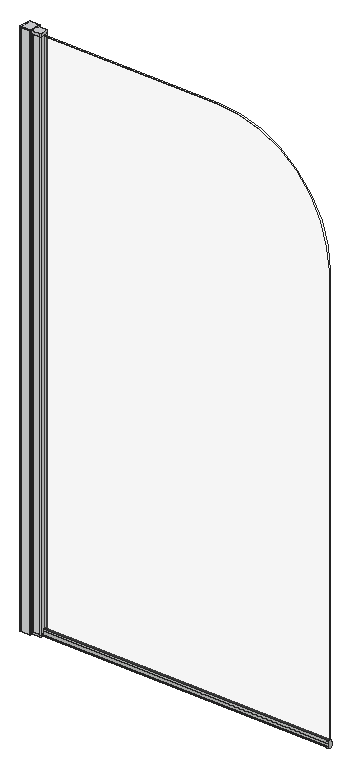
Revit family "Shower-Bath_Screen-KOHLER-Aerie-K-707205_1", category Specialty Equipment, host Face, Revit 2021
Family settings
  Host = Face
  Round Connector Dimension = Use Diameter
  Part Type = Normal
  OmniClass Number = 23.31.17.17
  OmniClass Title = Shower Enclosures
  Cut with Voids When Loaded = No
  Shared = No
  Room Calculation Point = No
Parameters (values of type "SHP-Bright Polished Silver")
  Width [instance] = 32 1/8"
  WaterSense Certified = 1 = 0  # no
  URL = "https://www.us.kohler.com/us/"
  Type = 1
  Product Page URL = "http://www.us.kohler.com/us/catalog/productDetails.jsp?productNumber=707205-L"
  Product Name = "Aerie"  # constant formula
  Product Documentation Link = "https://www.us.kohler.com/webassets/kpna/catalog/pdf/en/K-707205-L_spec_US-CA_Kohler_en.pdf"
  Model = "K-707205-L-SHP"  # constant formula
  Material = "Premium Metal Construction"  # constant formula
  Master Format 2014 Name = "Shower Doors"  # constant formula
  Master Format 2014 = "10 28 19.16"  # constant formula
  Manufacturer Address = "444 Highland Dr, Kohler, WI 53044"  # constant formula
  Manufacturer = "Kohler Co."  # constant formula
  Length = 1 33/128"  # constant formula
  Height = 57 11/128"  # constant formula
  Hardware Included = 1 = 0  # no
  Finish = Kohler-Metal-SHP-Bright_Polished_Silver
  Environmental Product Declaration = ""
  Description = "32 Inch Bath Screen"  # constant formula
  Default Elevation = 4"
  Declare Label = ""
  Date Modified = "07/13/2023"  # constant formula
  Date Created = "07/13/2023"  # constant formula
  Copyright = "Copyright Kohler Co."  # constant formula
  Contact Us = "https://www.us.kohler.com/us/static/contact.jsp"
  Assembly Code = "C1030200"
  ADA Compliant = 1 = 0  # no
Reference planes (in)
  plane 1 "Center (Front/Back)": y = -0.09259
  plane 2: z = 0
  plane 3 "Center (Left/Right)": x = 0
  plane 4: x = 32.125
  plane 5: y = 0.53371
  plane 6: y = -0.72411
  plane 7: z = 57.08594
  plane 8: z = 56.68967
  plane 9: y = 0.35033
  plane 10: y = -0.5355
  plane 11: x = 1.47126
  plane 12: y = 0.00584
  plane 13: y = -0.19101
  plane 14: y = 0.0634
  plane 15: y = -0.2474
  plane 16: z = 0.07549
Dimensions and locks (in)
  "Length": plane 5 to plane 6
  "Height": plane 7 to level
  plane 11 to plane 4 = 30.65374"
  locked: plane 3 "Center (Left/Right)" to plane 11 at 1.47126
  plane 12 to plane 13 = 0.19685"
  plane 14 to plane 15 = 0.3108"
  "Width": plane 4 to plane 3 "Center (Left/Right)"
  aligned and locked: plane 2 to host face
  aligned and locked: level to host face
  aligned and locked: plane 3 "Center (Left/Right)" to nested 1
Automatic sketch dimensions
  host sketch curve to host sketch curve = 96"  (x2)
Nested families (in)
  nested 1: "K-707205" at (0, -0.09259, 0), type "K-707205"
    with Width 32 1/8"
Definition of nested family "K-707205"
  Parameters (values of type "K-707205")
    Width = 31.49606"
    Material = none
    Default Elevation = 0"
  Reference planes (in)
    plane 1 "Center (Front/Back)": y = 0
    plane 2: z = 0
    plane 3 "Center (Left/Right)": x = 0
    plane 4: x = 31.49606
    plane 5: z = 56.68967
    plane 6: z = 56.98969
    plane 7: z = 57.08439
    plane 8: y = 0.62629
    plane 9: y = -0.62986
    plane 10: y = 0.44291
    plane 11: y = -0.44291
    plane 12: y = 0.09843
    plane 13: y = -0.09843
    plane 14: x = 1.47126
    plane 15: y = 0.15599
    plane 16: y = -0.15481
  Forms (in)
    Extrusion 1, solid, material <- "Material", detail levels medium+fine
      sketch origin (0, 0, 0) x (1, 0, 0) y (0, 1, 0)
        loop
          line (0.55169, 0.58749) -> (0.55169, 0.62629) -> (0, 0.62629) -> (0, -0.62986) -> (1.01973, -0.62986)
          arc (1.01973, -0.62986) -> (1.03729, -0.62755) -> (1.05365, -0.62077) r 0.06785
          line (1.05365, -0.62077) -> (1.08737, -0.6013)
          arc (1.08737, -0.6013) -> (1.09301, -0.5877) -> (1.08132, -0.57873) r 0.01209
          line (1.08132, -0.57873) -> (0.05159, -0.57873) -> (0.05159, 0.31283) -> (1.10508, 0.31283) -> (1.10508, 0.62628) -> (0.9971, 0.62628) -> (0.9971, 0.58663) -> (0.97476, 0.56001) -> (0.97476, 0.45359) -> (1.01412, 0.45359) -> (1.01412, 0.5151)
          arc (1.01412, 0.5151) -> (1.03581, 0.53679) -> (1.0575, 0.5151) r 0.02169
          line (1.0575, 0.5151) -> (1.0575, 0.36254) -> (0.5785, 0.36254) -> (0.5785, 0.56068) -> (0.55169, 0.58749)
        loop
          line (0.52165, 0.36254) -> (0.52165, 0.57815) -> (0.05159, 0.57815) -> (0.05159, 0.36254) -> (0.52165, 0.36254)
        loop
          arc (0.57833, 0.62599) -> (0.55864, 0.6063) -> (0.57833, 0.58662) r 0.01968
          line (0.57833, 0.58662) -> (0.68942, 0.58662) -> (0.68942, 0.46116) -> (0.73833, 0.46116) -> (0.73833, 0.58662) -> (0.80753, 0.58662) -> (0.80753, 0.46116) -> (0.85644, 0.46116) -> (0.85644, 0.58662) -> (0.9747, 0.58662)
          arc (0.9747, 0.58662) -> (0.98724, 0.60513) -> (0.97922, 0.626) r 0.02415
          line (0.97922, 0.626) -> (0.57833, 0.62599)
      from 0.07549 to 57.00463
    Extrusion 2, solid
      sketch origin (0, 0, 0) x (1, 0, 0) y (0, 0, 1)
        loop
          arc (31.49606, 44.87864) -> (28.03669, 53.2303) -> (19.68504, 56.68967) r 11.81102
          line (19.68504, 56.68967) -> (1.47126, 56.68967) -> (1.47126, 0.46919) -> (31.49606, 0.46919) -> (31.49606, 44.87864)
      from -0.09843 to 0.09843
    Sweep 3, solid, detail levels medium+fine
      path origin (0, 0, 0) x (1, 0, 0) y (0, 1, 0)
        loop
          line (31.49606, 0) -> (2.00893, 0)
      profile origin (16.75249, 0, 0) x (0, -1, 0) y (0, 0, 1)
        loop
          line (0.15481, 0.15576) -> (0.15481, 0.51938) -> (0.14423, 0.72122)
          arc (0.14423, 0.72122) -> (0.13665, 0.73767) -> (0.11982, 0.74438) r 0.02444
          line (0.11982, 0.74438) -> (0.08802, 0.74438) -> (0.08802, 0.66053)
          arc (0.08802, 0.66053) -> (0.09193, 0.64341) -> (0.10288, 0.62968) r 0.03945
          line (0.10288, 0.62968) -> (0.11129, 0.46919) -> (-0.10739, 0.46919) -> (-0.10178, 0.63004)
          arc (-0.10178, 0.63004) -> (-0.09205, 0.64214) -> (-0.08858, 0.65726) r 0.03465
          line (-0.08858, 0.65726) -> (-0.08858, 0.74461) -> (-0.12085, 0.74461)
          arc (-0.12085, 0.74461) -> (-0.13921, 0.73719) -> (-0.14726, 0.7191) r 0.02643
          line (-0.14726, 0.7191) -> (-0.15599, 0.46919) -> (-0.15599, 0.15576)
          arc (-0.15599, 0.15576) -> (-0.00059, 0.00036) -> (0.15481, 0.15576) r 0.1554
    Extrusion 4, solid
      sketch origin (0, 0, 0) x (1, 0, 0) y (0, 1, 0)
        loop
          line (1.03871, -0.62986) -> (1.10544, -0.59133) -> (1.10544, 0.62629) -> (0, 0.62629) -> (0, -0.62986) -> (1.03871, -0.62986)
      from 57.00463 to 57.08315
    Extrusion 5, solid
      sketch origin (0, 0, 0) x (1, 0, 0) y (0, 1, 0)
        loop
          arc (0.13033, 0.44291) -> (0.07465, 0.41985) -> (0.05159, 0.36417) r 0.07874
          line (0.05159, 0.36417) -> (0.05159, -0.36417)
          arc (0.05159, -0.36417) -> (0.07465, -0.41985) -> (0.13033, -0.44291) r 0.07874
          line (0.13033, -0.44291) -> (1.94173, -0.44291)
          arc (1.94173, -0.44291) -> (1.99741, -0.41985) -> (2.02047, -0.36417) r 0.07874
          line (2.02047, -0.36417) -> (2.02047, 0.36417)
          arc (2.02047, 0.36417) -> (1.99741, 0.41985) -> (1.94173, 0.44291) r 0.07874
          line (1.94173, 0.44291) -> (0.13033, 0.44291)
      from 56.68967 to 56.98703
    Extrusion 6, solid
      sketch origin (-0.39333, 0, -56.77165) x (1, 0, 0) y (0, 1, 0)
        loop
          arc (0.52366, 0.44291) -> (0.46798, 0.41985) -> (0.44492, 0.36417) r 0.07874
          line (0.44492, 0.36417) -> (0.44492, -0.36417)
          arc (0.44492, -0.36417) -> (0.46798, -0.41985) -> (0.52366, -0.44291) r 0.07874
          line (0.52366, -0.44291) -> (2.33506, -0.44291)
          arc (2.33506, -0.44291) -> (2.39073, -0.41985) -> (2.4138, -0.36417) r 0.07874
          line (2.4138, -0.36417) -> (2.4138, 0.36417)
          arc (2.4138, 0.36417) -> (2.39073, 0.41985) -> (2.33506, 0.44291) r 0.07874
          line (2.33506, 0.44291) -> (0.52366, 0.44291)
      from 56.84715 to 57.07534
    Extrusion 7, solid, material <- "Material", detail levels medium+fine
      sketch origin (0, 0, 0) x (1, 0, 0) y (0, 1, 0)
        loop
          line (2.02047, -0.36417) -> (2.02047, -0.10709) -> (1.47126, -0.10709) -> (1.47126, 0.10504) -> (2.02047, 0.10504) -> (2.02047, 0.36417)
          arc (2.02047, 0.36417) -> (1.99741, 0.41985) -> (1.94173, 0.44291) r 0.07874
          line (1.94173, 0.44291) -> (1.23683, 0.44291)
          arc (1.23683, 0.44291) -> (1.20792, 0.43741) -> (1.18304, 0.42167) r 0.07874
          arc (1.18304, 0.42167) -> (1.0001, 0) -> (1.18304, -0.42167) r 0.57745
          arc (1.18304, -0.42167) -> (1.20792, -0.43741) -> (1.23683, -0.44291) r 0.07874
          line (1.23683, -0.44291) -> (1.94173, -0.44291)
          arc (1.94173, -0.44291) -> (1.99741, -0.41985) -> (2.02047, -0.36417) r 0.07874
      from 0.30369 to 56.68967
    Extrusion 8, solid, material <- "Material", detail levels coarse
      sketch origin (0, 0, 0) x (1, 0, 0) y (0, 1, 0)
        loop
          line (0, 0.62629) -> (0, -0.62986) -> (1.09616, -0.62986) -> (1.09616, -0.57873) -> (0.1523, -0.57873) -> (0.1523, 0.31283) -> (1.10508, 0.31283) -> (1.10508, 0.62629) -> (0, 0.62629)
      from 0.07549 to 57.00463
    Extrusion 9, solid, material <- "Material", detail levels coarse
      sketch origin (0, 0, 0) x (1, 0, 0) y (0, 1, 0)
        loop
          line (2.04507, -0.44291) -> (2.04507, -0.10709) -> (1.47126, -0.10709) -> (1.47126, 0.10504) -> (2.04507, 0.10504) -> (2.04507, 0.44291) -> (1.20704, 0.44291)
          arc (1.20704, 0.44291) -> (1.0001, 0) -> (1.20704, -0.44291) r 0.57745
          line (1.20704, -0.44291) -> (2.04507, -0.44291)
      from 0.30369 to 56.68967
    Sweep 10, solid, detail levels coarse
      path origin (0, 0, 0) x (1, 0, 0) y (0, 1, 0)
        loop
          line (31.49606, 0) -> (2.00893, 0)
      profile origin (16.75249, 0, 0) x (0, -1, 0) y (0, 0, 1)
        loop
          line (0.16711, 0.16668) -> (0.16711, 0.74438) -> (0.11129, 0.74438) -> (0.11129, 0.46919) -> (-0.10739, 0.46919) -> (-0.10739, 0.74461) -> (-0.16829, 0.74461) -> (-0.16829, 0.16668)
          arc (-0.16829, 0.16668) -> (-0.00059, -0.00103) -> (0.16711, 0.16668) r 0.1677
  Lines and regions (in)
    Masking region 1
      outline origin (0, 0, 0) x (1, 0, 0) y (0, 0, 1)
        loop
          line (0, 57.08315) -> (0, 0.07549) -> (2.00893, 0.07549) -> (2.00893, 0.00036) -> (31.49606, 0.00036) -> (31.49606, 44.87864)
          arc (31.49606, 44.87864) -> (28.03669, 53.2303) -> (19.68504, 56.68967) r 11.81102
          line (19.68504, 56.68967) -> (2.02047, 56.68967) -> (2.02047, 56.98703) -> (1.10544, 56.98703) -> (1.10544, 57.08315) -> (0, 57.08315)
    Masking region 2
      outline origin (0, 0, 0) x (0, 1, 0) y (0, 0, 1)
        loop
          line (0.62629, 57.08315) -> (-0.62986, 57.08315) -> (-0.62986, 0.07549) -> (-0.13248, 0.07549)
          arc (-0.13248, 0.07549) -> (0.00059, 0.00036) -> (0.13366, 0.07549) r 0.1554
          line (0.13366, 0.07549) -> (0.62629, 0.07549) -> (0.62629, 57.08315)
    Masking region 3
      outline origin (0, 0, 0) x (1, 0, 0) y (0, 1, 0)
        loop
          line (1.10544, 0.62629) -> (0, 0.62629) -> (0, -0.62986) -> (1.03871, -0.62986) -> (1.10544, -0.59133) -> (1.10544, -0.44291) -> (1.94173, -0.44291)
          arc (1.94173, -0.44291) -> (1.99741, -0.41985) -> (2.02047, -0.36417) r 0.07874
          line (2.02047, -0.36417) -> (2.02047, -0.15481) -> (31.49606, -0.15481) -> (31.49606, 0.15599) -> (2.02047, 0.15599) -> (2.02047, 0.36417)
          arc (2.02047, 0.36417) -> (1.99741, 0.41985) -> (1.94173, 0.44291) r 0.07874
          line (1.94173, 0.44291) -> (1.10544, 0.44291) -> (1.10544, 0.62629)
    symbolic lines, detail levels medium+fine
      curve 1: line (1.10544, 0.44291, 0) -> (1.10544, -0.44291, 0)
      curve 2: line (31.49606, 0.09843, 0) -> (2.02047, 0.09843, 0)
      curve 3: line (2.02047, -0.09843, 0) -> (31.49606, -0.09843, 0)
      curve 4: line (2.02047, 0.14681, 0) -> (31.49606, 0.14681, 0)
      curve 5: line (2.02047, -0.14405, 0) -> (31.49606, -0.14405, 0)
      curve 6: line (2.02047, 0.19664, 0) -> (2.02047, -0.19706, 0)
      curve 7: line (2.02047, 0, 0.07549) -> (2.02047, 0, 56.68967)
      curve 8: line (1.23683, 0, 56.68967) -> (1.23683, 0, 0.30369)
      curve 9: line (1.09341, 0, 57.00463) -> (1.09616, 0, 0.07549)
      curve 10: line (1.01973, 0, 57.00463) -> (1.01973, 0, 0.07549)
      curve 11: line (1.94173, 0, 56.68967) -> (1.94173, 0, 0.30369)
      curve 12: line (2.02047, 0, 56.68967) -> (1.09342, 0, 56.68967)
      curve 13: line (1.01973, 0, 57.00463) -> (0, 0, 57.00463)
      curve 14: line (1.01973, 0, 57.00463) -> (1.10544, 0, 57.00463)
      curve 15: line (1.03871, 0, 57.08315) -> (1.03871, 0, 57.00463)
      curve 16: line (1.12626, 0, 56.98703) -> (1.09341, 0, 56.98703)
      curve 17: line (1.98961, 0, 0.07549) -> (2.02047, 0, 0.07549)
      curve 18: line (2.02047, 0, 0.30369) -> (1.09614, 0, 0.30369)
      curve 19: line (31.49606, 0, 0.51938) -> (2.02047, 0, 0.51938)
      curve 20: line (31.49606, 0, 0.74438) -> (2.02047, 0, 0.74438)
      curve 21: arc (0, -0.15481, 0.15576) -> (0, -0.14912, 0.1141) -> (0, -0.13248, 0.07549) r 0.1554
      curve 22: line (0, -0.15481, 0.51938) -> (0, -0.15481, 0.15576)
      curve 23: line (0, -0.14423, 0.72122) -> (0, -0.15481, 0.51938)
      curve 24: arc (0, -0.11982, 0.74438) -> (0, -0.13665, 0.73767) -> (0, -0.14423, 0.72122) r 0.02444
      curve 25: line (0, -0.10709, 0.74438) -> (0, -0.10709, 56.68967)
      curve 26: line (0, -0.08802, 0.74438) -> (0, -0.11982, 0.74438)
      curve 27: line (0, -0.08802, 0.66053) -> (0, -0.08802, 0.74438)
      curve 28: arc (0, -0.10288, 0.62968) -> (0, -0.09193, 0.64341) -> (0, -0.08802, 0.66053) r 0.03945
      curve 29: line (0, -0.11129, 0.46919) -> (0, -0.10288, 0.62968)
      curve 30: line (0, -0.09843, 56.68967) -> (0, -0.09843, 0.74438)
      curve 31: line (0, 0.09843, 0.74461) -> (0, 0.09843, 56.68967)
      curve 32: line (0, 0.10739, 0.46919) -> (0, -0.11129, 0.46919)
      curve 33: line (0, -0.44291, 0.30369) -> (0, -0.15481, 0.30369)
      curve 34: line (0, -0.44291, 0.07549) -> (0, -0.44291, 56.98703)
      curve 35: line (0, -0.57873, 0.07549) -> (0, -0.57873, 57.00463)
      curve 36: line (0, -0.6013, 0.07549) -> (0, -0.6013, 57.00463)
      curve 37: line (0, 0.12085, 0.74461) -> (0, 0.08858, 0.74461)
      curve 38: line (0, 0.08858, 0.74461) -> (0, 0.08858, 0.65726)
      curve 39: arc (0, 0.14726, 0.7191) -> (0, 0.13921, 0.73719) -> (0, 0.12085, 0.74461) r 0.02643
      curve 40: line (0, 0.15599, 0.46919) -> (0, 0.14726, 0.7191)
      curve 41: arc (0, 0.08858, 0.65726) -> (0, 0.09205, 0.64214) -> (0, 0.10178, 0.63004) r 0.03465
      curve 42: line (0, 0.10178, 0.63004) -> (0, 0.10739, 0.46919)
      curve 43: line (0, 0.15599, 0.15576) -> (0, 0.15599, 0.46919)
      curve 44: line (0, 0.10504, 56.68967) -> (0, 0.10504, 0.74461)
      curve 45: line (0, 0.44291, 0.07549) -> (0, 0.44291, 56.98703)
      curve 46: line (0, 0.15599, 0.30369) -> (0, 0.44291, 0.30369)
      curve 47: line (0, -0.44291, 56.98703) -> (0, 0.44291, 56.98703)
      curve 48: line (0, -0.62986, 57.00463) -> (0, 0.62629, 57.00463)
      curve 49: line (0, -0.44291, 56.68967) -> (0, 0.44291, 56.68967)
      curve 50: arc (0, 0.13366, 0.07549) -> (0, 0.1503, 0.1141) -> (0, 0.15599, 0.15576) r 0.1554
  Dimensions and locks (in)
    plane 3 "Center (Left/Right)" to plane 4 = 31.49606"
    "Width": plane 4 to plane 3 "Center (Left/Right)"
    aligned and locked: plane 2 to level
    aligned and locked: plane 4 to Sweep 3 sketch curve
    aligned and locked: Extrusion 2 sketch curve to plane 4
    aligned and locked: plane 4 to Masking region 3 sketch curve
    aligned and locked: plane 4 to Sweep 10 sketch curve
  Automatic sketch dimensions
    Extrusion 1 sketch curve to plane 3 "Center (Left/Right)" = 0"
    plane 3 "Center (Left/Right)" to Extrusion 1 sketch curve = 0.05159"
    Extrusion 1 sketch curve to Extrusion 1 sketch curve = 0"  (x6)
    Extrusion 1 sketch curve to Extrusion 1 sketch curve = 0.47006"
    Extrusion 1 sketch curve to Extrusion 1 sketch curve = 0.03004"
    Extrusion 1 sketch curve to Extrusion 1 sketch curve = 0.02664"
    Extrusion 1 sketch curve to Extrusion 1 sketch curve = 0.00017"
    Extrusion 1 sketch curve to Extrusion 1 sketch curve = 0.11092"
    Extrusion 1 sketch curve to Extrusion 1 sketch curve = 0.04891"  (x2)
    Extrusion 1 sketch curve to Extrusion 1 sketch curve = 0.0692"
    Extrusion 1 sketch curve to Extrusion 1 sketch curve = 0.10681"
    Extrusion 1 sketch curve to Extrusion 1 sketch curve = 0.01145"
    Extrusion 1 sketch curve to Extrusion 1 sketch curve = 0.00005"
    Extrusion 1 sketch curve to Extrusion 1 sketch curve = 0.01597"
    Extrusion 1 sketch curve to Extrusion 1 sketch curve = 0.02239"
    Extrusion 1 sketch curve to Extrusion 1 sketch curve = 0.03936"
    plane 1 "Center (Front/Back)" to Extrusion 1 sketch curve = 0.62986"
    Extrusion 1 sketch curve to Extrusion 1 sketch curve = 0.96813"
    Extrusion 1 sketch curve to Extrusion 1 sketch curve = 0.02169"
    plane 1 "Center (Front/Back)" to Extrusion 1 sketch curve = 0.62077"
    Extrusion 1 sketch curve to Extrusion 1 sketch curve = 0.03393"
    Extrusion 1 sketch curve to Extrusion 1 sketch curve = 0.02767"
    plane 1 "Center (Front/Back)" to Extrusion 1 sketch curve = 0.6013"
    Extrusion 1 sketch curve to Extrusion 1 sketch curve = 0.00605"
    Extrusion 1 sketch curve to Extrusion 1 sketch curve = 0.04758"
    Extrusion 1 sketch curve to Extrusion 1 sketch curve = 0.01047"
    Extrusion 1 sketch curve to plane 1 "Center (Front/Back)" = 0.31283"
    Extrusion 1 sketch curve to Extrusion 1 sketch curve = 0.0497"  (x2)
    Extrusion 1 sketch curve to Extrusion 1 sketch curve = 0.09106"
    Extrusion 1 sketch curve to Extrusion 1 sketch curve = 0.09862"
    Extrusion 1 sketch curve to Extrusion 1 sketch curve = 0.0615"
    Extrusion 1 sketch curve to Extrusion 1 sketch curve = 0.04491"
    Extrusion 1 sketch curve to Extrusion 1 sketch curve = 0.09952"
    Extrusion 1 sketch curve to Extrusion 1 sketch curve = 0.21561"
    Extrusion 1 sketch curve to Extrusion 1 sketch curve = 0.02594"
    Extrusion 1 sketch curve to Extrusion 1 sketch curve = 0.00087"
    Extrusion 1 sketch curve to Extrusion 1 sketch curve = 0.01968"
    Extrusion 1 sketch curve to Extrusion 1 sketch curve = 0.02126"
    Extrusion 1 sketch curve to Extrusion 1 sketch curve = 0.03965"
    Extrusion 1 sketch curve to Extrusion 1 sketch curve = 0.04814"
    plane 1 "Center (Front/Back)" to Sweep 3 sketch curve = 0"
    plane 3 "Center (Left/Right)" to Sweep 3 sketch curve = 2.00893"
    profile plane to Sweep 3 sketch curve = 0.15599"
    profile plane to Sweep 3 sketch curve = 0.14726"
    Sweep 3 sketch curve to Sweep 3 sketch curve = 0.02404"
    Sweep 3 sketch curve to Sweep 3 sketch curve = 0.02642"
    Sweep 3 sketch curve to Sweep 3 sketch curve = 0.0486"
    Sweep 3 sketch curve to Sweep 3 sketch curve = 0.02145"
    Sweep 3 sketch curve to Sweep 3 sketch curve = 0.03227"
    profile plane to Sweep 3 sketch curve = 0.00059"
    Sweep 3 sketch curve to profile plane = 0.08802"
    Sweep 3 sketch curve to Sweep 3 sketch curve = 0.01486"
    Sweep 3 sketch curve to Sweep 3 sketch curve = 0.04352"
    Sweep 3 sketch curve to Sweep 3 sketch curve = 0.0318"
    Sweep 3 sketch curve to Sweep 3 sketch curve = 0.02459"
    Sweep 3 sketch curve to Sweep 3 sketch curve = 0.02441"
    level to Sweep 3 sketch curve = 0.15576"
    Sweep 3 sketch curve to Sweep 3 sketch curve = 0.31344"
    Sweep 3 sketch curve to Sweep 3 sketch curve = 0"
    Sweep 3 sketch curve to Sweep 3 sketch curve = 0.05019"
    Sweep 3 sketch curve to Sweep 3 sketch curve = 0.1103"
    Sweep 3 sketch curve to Sweep 3 sketch curve = 0.16085"
    Sweep 3 sketch curve to Sweep 3 sketch curve = 0.06092"
    Sweep 3 sketch curve to Sweep 3 sketch curve = 0.00092"
    Sweep 3 sketch curve to Sweep 3 sketch curve = 0.05941"
    Sweep 3 sketch curve to Sweep 3 sketch curve = 0.00128"
    Extrusion 4 sketch curve to plane 3 "Center (Left/Right)" = 0"
    Extrusion 4 sketch curve to Extrusion 4 sketch curve = 1.03871"
    Extrusion 4 sketch curve to Extrusion 4 sketch curve = 1.10544"
    plane 1 "Center (Front/Back)" to Extrusion 4 sketch curve = 0.62986"
    Extrusion 4 sketch curve to Extrusion 4 sketch curve = 0.03853"
    Extrusion 4 sketch curve to plane 1 "Center (Front/Back)" = 0.62629"
    plane 3 "Center (Left/Right)" to Extrusion 5 sketch curve = 0.05159"
    Extrusion 5 sketch curve to Extrusion 5 sketch curve = 0.07874"  (x3)
    Extrusion 5 sketch curve to plane 1 "Center (Front/Back)" = 0.44291"
    Extrusion 5 sketch curve to Extrusion 5 sketch curve = 1.8114"
    plane 1 "Center (Front/Back)" to Extrusion 5 sketch curve = 0.36417"
    Extrusion 5 sketch curve to Extrusion 5 sketch curve = 0"
    plane 3 "Center (Left/Right)" to Extrusion 6 sketch curve = 0.05159"
    Extrusion 6 sketch curve to Extrusion 6 sketch curve = 0.07874"  (x3)
    Extrusion 6 sketch curve to plane 1 "Center (Front/Back)" = 0.44291"
    Extrusion 6 sketch curve to Extrusion 6 sketch curve = 1.8114"
    plane 1 "Center (Front/Back)" to Extrusion 6 sketch curve = 0.36417"
    Extrusion 6 sketch curve to Extrusion 6 sketch curve = 0"
    plane 1 "Center (Front/Back)" to Extrusion 7 sketch curve = 0"
    Extrusion 7 sketch curve to plane 1 "Center (Front/Back)" = 0.44291"
    plane 3 "Center (Left/Right)" to Extrusion 7 sketch curve = 1.23683"
    Extrusion 7 sketch curve to Extrusion 7 sketch curve = 0"  (x3)
    Extrusion 7 sketch curve to Extrusion 7 sketch curve = 0.34072"
    Extrusion 7 sketch curve to Extrusion 7 sketch curve = 0.36417"  (x2)
    Extrusion 7 sketch curve to plane 1 "Center (Front/Back)" = 0.36417"
    Extrusion 7 sketch curve to Extrusion 7 sketch curve = 0.07874"  (x2)
    Extrusion 2 sketch curve to plane 5 = 0"
    plane 4 to Extrusion 2 sketch curve = 11.81102"
    plane 3 "Center (Left/Right)" to Extrusion 2 sketch curve = 1.47126"
    level to Extrusion 2 sketch curve = 0.46919"
    Masking region 1 sketch curve to plane 3 "Center (Left/Right)" = 0"
    plane 4 to Masking region 1 sketch curve = 0"
    Masking region 1 sketch curve to plane 6 = 0.00266"
    plane 3 "Center (Left/Right)" to Masking region 1 sketch curve = 1.10544"
    level to Masking region 1 sketch curve = 0.00036"
    Masking region 1 sketch curve to plane 7 = 0.00124"
    Masking region 1 sketch curve to plane 5 = 11.81102"
    Masking region 1 sketch curve to plane 5 = 0"
    Masking region 1 sketch curve to Masking region 1 sketch curve = 0.91503"
    Masking region 3 sketch curve to plane 3 "Center (Left/Right)" = 0"
    Masking region 3 sketch curve to plane 9 = 0"
    Masking region 3 sketch curve to plane 10 = 0"
    Masking region 3 sketch curve to plane 11 = 0"
    Masking region 3 sketch curve to plane 8 = 0"
    Masking region 3 sketch curve to plane 14 = 0.43255"
    Masking region 3 sketch curve to plane 14 = 0.36582"
    Masking region 3 sketch curve to Masking region 3 sketch curve = 0.06673"
    plane 9 to Masking region 3 sketch curve = 0.03853"
    plane 14 to Masking region 3 sketch curve = 0.47047"
    Masking region 3 sketch curve to Masking region 3 sketch curve = 0.07874"
    plane 11 to Masking region 3 sketch curve = 0.07874"
    plane 16 to Masking region 3 sketch curve = 0"
    plane 15 to Masking region 3 sketch curve = 0"
    Masking region 3 sketch curve to Masking region 3 sketch curve = 0"
    Extrusion 8 sketch curve to plane 3 "Center (Left/Right)" = 0"
    Extrusion 8 sketch curve to plane 9 = 0"
    Extrusion 8 sketch curve to plane 8 = 0"
    plane 3 "Center (Left/Right)" to Extrusion 8 sketch curve = 0.1523"
    Extrusion 8 sketch curve to plane 14 = 0.3751"
    Extrusion 8 sketch curve to plane 10 = 0.13008"
    Extrusion 8 sketch curve to plane 14 = 0.36618"
    plane 9 to Extrusion 8 sketch curve = 0.05113"
    Extrusion 9 sketch curve to plane 11 = 0"
    Extrusion 9 sketch curve to plane 10 = 0"
    Extrusion 9 sketch curve to plane 14 = 0"
    plane 1 "Center (Front/Back)" to Extrusion 9 sketch curve = 0"
    Extrusion 9 sketch curve to plane 14 = 0.26421"
    plane 14 to Extrusion 9 sketch curve = 0.1063"
    plane 14 to Extrusion 9 sketch curve = 0.57382"
    Extrusion 9 sketch curve to plane 13 = 0.00867"
    plane 12 to Extrusion 9 sketch curve = 0.00662"
    Extrusion 9 sketch curve to Extrusion 9 sketch curve = 0"
    Extrusion 7 sketch curve to plane 14 = 0"
    Extrusion 7 sketch curve to plane 13 = 0.00867"
    plane 12 to Extrusion 7 sketch curve = 0.00662"
    plane 11 to Extrusion 7 sketch curve = 0.07874"
    plane 1 "Center (Front/Back)" to Sweep 10 sketch curve = 0"
    plane 14 to Sweep 10 sketch curve = 0.53767"
    profile plane to Sweep 10 sketch curve = 0.16829"
    Sweep 10 sketch curve to Sweep 10 sketch curve = 0.0609"
    profile plane to Sweep 10 sketch curve = 0.00059"
    Sweep 10 sketch curve to profile plane = 0.11129"
    level to Sweep 10 sketch curve = 0.16668"
    Sweep 10 sketch curve to Sweep 10 sketch curve = 0.30252"
    Sweep 10 sketch curve to Sweep 10 sketch curve = 0.27519"
    Sweep 10 sketch curve to Sweep 10 sketch curve = 0.00023"
    curve 1 to plane 11 = 0"
    curve 1 to plane 10 = 0"
    curve 2 to plane 12 = 0"
    curve 3 to plane 13 = 0"
    curve 5 to plane 4 = 0"
    curve 2 to plane 4 = 0"
    curve 3 to plane 4 = 0"
    curve 4 to plane 4 = 0"
    plane 16 to curve 6 = 0.04225"
    plane 14 to curve 6 = 0.54921"
    curve 5 to plane 16 = 0.01076"
    curve 1 to plane 14 = 0.36582"
    plane 15 to curve 4 = 0.00918"
    curve 6 to plane 15 = 0.04065"
    curve 13 to plane 3 "Center (Left/Right)" = 0"
    level to curve 10 = 0.07549"
    curve 12 to plane 5 = 0"
    level to curve 9 = 0.07549"
    plane 6 to curve 13 = 0.01494"
    curve 13 to plane 14 = 0.45153"
    plane 14 to curve 7 = 0.54921"
    level to curve 17 = 0.07549"
    curve 10 to curve 15 = 0.01898"
    curve 15 to curve 9 = 7/128"
    curve 16 to plane 6 = 0.00266"
    curve 9 to curve 16 = 0"
    level to curve 18 = 0.30369"
    curve 9 to curve 14 = 0.01203"
    curve 14 to curve 16 = 0.02082"
    curve 18 to curve 8 = 0.14069"
    curve 11 to curve 7 = 0.07874"
    curve 17 to curve 7 = 0.03086"
    curve 15 to plane 7 = 0.00124"
    plane 4 to curve 20 = 0"
    plane 4 to curve 19 = 0"
    curve 18 to curve 19 = 0.21569"
    curve 19 to curve 20 = 0.225"
    level to Masking region 1 sketch curve = 0.07549"
    plane 14 to Masking region 1 sketch curve = 0.53767"
    Masking region 2 sketch curve to plane 9 = 0"
    Masking region 2 sketch curve to plane 8 = 0"
    level to Masking region 2 sketch curve = 0.07549"
    Masking region 2 sketch curve to plane 7 = 0.00124"
    Masking region 2 sketch curve to plane 16 = 0.02233"
    plane 15 to Masking region 2 sketch curve = 0.02233"
    Masking region 2 sketch curve to plane 1 "Center (Front/Back)" = 0.00059"
    Masking region 2 sketch curve to Masking region 2 sketch curve = 0.08027"
    curve 21 to curve 50 = 0"  (x2)
    curve 48 to plane 9 = 0"
    curve 33 to plane 11 = 0"
    curve 23 to plane 16 = 0"
    curve 25 to plane 5 = 0"
    curve 30 to plane 13 = 0"
    curve 31 to plane 12 = 0"
    curve 50 to plane 15 = 0"
    curve 47 to plane 10 = 0"
    curve 48 to plane 8 = 0"
    curve 23 to plane 16 = 0.01058"
    curve 28 to plane 16 = 7/256"
    curve 26 to plane 13 = 0.0214"
    curve 32 to plane 13 = 0.01286"
    curve 29 to plane 13 = 0.00445"
    plane 13 to curve 27 = 0.0104"
    curve 50 to plane 1 "Center (Front/Back)" = 0.00059"
    curve 37 to curve 31 = 0.00985"
    plane 12 to curve 42 = 0.00335"
    plane 12 to curve 42 = 0.00897"
    plane 12 to curve 39 = 0.02242"
    plane 12 to curve 41 = 0.0248"
    plane 15 to curve 40 = 0.00873"
    level to curve 37 = 0.74461"
    curve 26 to curve 37 = 0.00023"
    curve 23 to curve 26 = 0.02317"
    curve 40 to curve 37 = 0.02551"
    curve 27 to curve 24 = 0.05941"
    curve 38 to curve 39 = 0.06092"
    curve 23 to curve 28 = 0.1103"
    curve 32 to curve 41 = 0.16085"
    curve 32 to curve 40 = 0"
    level to curve 22 = 0.15576"
    curve 34 to plane 6 = 0.00266"
    plane 9 to curve 36 = 0.02856"
    curve 36 to curve 35 = 0.02257"
    curve 21 to plane 16 = 0.02233"
    curve 25 to plane 13 = 0.00867"
    plane 12 to curve 44 = 0.00662"
    plane 15 to curve 50 = 0.02233"
    curve 44 to curve 39 = 0"
    curve 31 to curve 44 = 0"
    curve 30 to curve 26 = 0"
    curve 25 to curve 30 = 0"
    curve 21 to curve 33 = 0.14793"
    curve 50 to curve 46 = 0.14793"
    level to curve 34 = 0.07549"
    level to curve 45 = 0.07549"
    level to curve 35 = 0.07549"
    curve 36 to curve 35 = 0"
    plane 6 to curve 35 = 0.01494"
